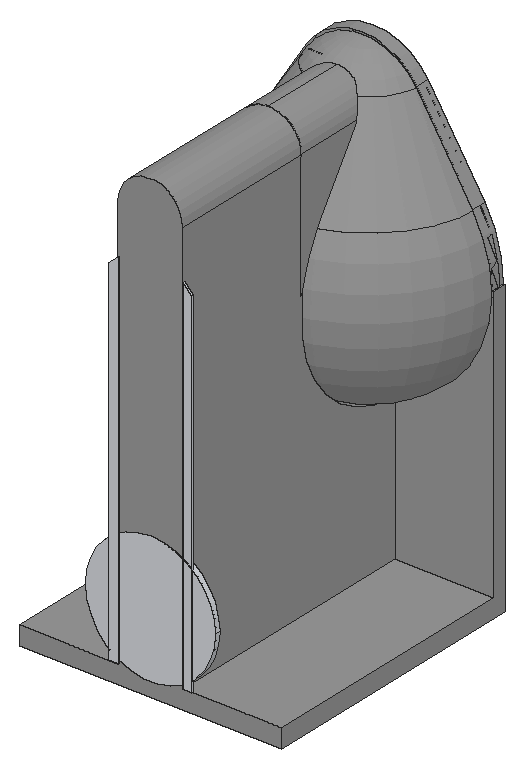
Revit family "Toilet-Willoughby-ASETF-1490-FM-TS", category Plumbing Fixtures, Revit 2015
Parameters (values of type "Standard")
  Waste DIA = 2 3/8"
  Waste Connection = yes
  W-RAD [instance] = Waste DIA / 2  # 0' - 1 3/16"
  Vent Connection = no
  URL = "https://www.willoughby-ind.com/wp-content/uploads/2018/01/ASETF-1490-FM.pdf"
  Type Comments = ""
  Revision = "A"
  Model = "ETW-1490-FM-TS"
  Manufacturer = "Willoughby Industries"
  HW Connection = no
  Flush inlet DIA = 1 1/2"
  Flush Inlet Connection = yes
  Fixture Body = Stainless Steel AISI 304-Willoughby
  F-RAD [instance] = Flush inlet DIA / 2  # 0' - 0 3/4"
  Description = "Ligature Resistant, Wall Outlet, Floor Mounted Blowout Toilet, Top Spud"
  Default Elevation = 0' - 0"
  Contact Number = "(800) 428-4065"
  CW Connection = no
Reference planes (in)
  plane 1 "Base": y = -16.25
  plane 2: z = 0
  plane 3 "Center": x = 18.31072
  plane 4 "Waste height": y = -4.75
  plane 5 "Seat HGT": y = -1.25
  plane 6: y = -2.125
  plane 7: x = 16.56072
  plane 8: x = 20.06072
  plane 9: x = 13.81072
  plane 10: x = 22.81072
  plane 11: z = 2.70924
  plane 12: z = -3
  plane 13: z = 25
Forms (in)
  Extrusion 1, solid, material "Stainless Steel AISI 304-Willoughby" <- "Fixture Body"
    sketch origin (16.08109, 7.47968, -7.1422) x (-1, 0, 0) y (0, 0, -1)
      loop
        line (4.79769, -22.8922) -> (4.83287, -22.8922) -> (4.83287, -7.1422) -> (-9.29213, -7.1422) -> (-9.29213, -22.8922) -> (-9.20219, -22.8922)
        arc (-9.20219, -22.8922) -> (-8.94577, -24.74051) -> (-8.21015, -26.45542) r 7
        line (-8.21015, -26.45542) -> (-5.16818, -31.31054)
        arc (-5.16818, -31.31054) -> (-2.20225, -32.95225) -> (0.76368, -31.31054) r 3.5
        line (0.76368, -31.31054) -> (3.80565, -26.45542)
        arc (3.80565, -26.45542) -> (4.54128, -24.74051) -> (4.79769, -22.8922) r 7
      loop
        arc (2.03989, -24.70557) -> (-2.20225, -18.23804) -> (-6.44438, -24.70557) r 4.625
        line (-6.44438, -24.70557) -> (-4.04125, -30.23842)
        arc (-4.04125, -30.23842) -> (-2.20225, -31.45225) -> (-0.36324, -30.23842) r 2
        line (-0.36324, -30.23842) -> (2.03989, -24.70557)
    from 8.72968 to 9.5
  Revolve 2, solid, material "Stainless Steel AISI 304-Willoughby" <- "Fixture Body"
    sketch origin (19.37981, -1.52032, -3.93365) x (-1, 0, 0) y (0, 0, -1)
      loop
        line (1.06174, -12.59906) -> (1.06174, -12.84906)
        arc (1.06174, -12.84906) -> (6.96784, -16.33096) -> (6.78077, -23.18447) r 6.75
        line (6.78077, -23.18447) -> (5.22309, -25.66909)
        arc (5.22309, -25.66909) -> (3.40303, -27.84141) -> (1.06174, -29.43826) r 10.34445
        line (1.06174, -29.43826) -> (1.06174, -29.68826)
        arc (1.06174, -29.68826) -> (2.75672, -29.25045) -> (4.02767, -28.04656) r 3.5
        line (4.02767, -28.04656) -> (7.06964, -23.19143)
        arc (7.06964, -23.19143) -> (7.15052, -16.14555) -> (1.06174, -12.59906) r 7
      axis (1.06174, -12.59906) -> (1.06174, -29.68826)
    angle from 0 to -180
  Extrusion 3, solid, material "Stainless Steel AISI 304-Willoughby" <- "Fixture Body"
    sketch origin (19.53334, -3.02032, -4.9508) x (0, 1, 0) y (0, 0, 1)
      loop
        line (-5.27082, 4.9508) -> (1, 4.9508) -> (1, 13.80524)
        arc (1, 13.80524) -> (-3.15813, 15.45207) -> (-5.27082, 19.39398) r 6.50625
        line (-5.27082, 19.39398) -> (-5.27082, 4.9508)
    from 0.52738 to -2.97262
  Extrusion 4, solid, material "Stainless Steel AISI 304-Willoughby" <- "Fixture Body"
    sketch origin (0, 1.11185, 0) x (1, 0, 0) y (0, 0, 1)
      loop
        circle (18.31072, 2.70924) r 0.75
    from 2.36185 to 1.42435
  Extrusion 5, solid, material "Stainless Steel AISI 304-Willoughby" <- "Fixture Body"
    sketch origin (0, -16.25, 0) x (1, 0, 0) y (0, 0, 1)
      loop
        line (25.37322, 0) -> (25.37322, 1) -> (11.2834, 1) -> (11.2834, 0) -> (25.37322, 0)
    from -15 to 0
  Extrusion 6, solid, material "Stainless Steel AISI 304-Willoughby" <- "Fixture Body"
    sketch origin (0, -16.25, 0) x (1, 0, 0) y (0, 0, 1)
      loop
        line (20.06072, 0) -> (20.06072, 23.23467)
        arc (20.06072, 23.23467) -> (18.31072, 24.98467) -> (16.56072, 23.23467) r 1.75
        line (16.56072, 23.23467) -> (16.56072, 0) -> (20.06072, 0)
    from 0 to -7.95886
  Extrusion 7, solid, material "Stainless Steel AISI 304-Willoughby" <- "Fixture Body"
    sketch origin (18.31072, 0, 0) x (0, 1, 0) y (0, 0, 1)
      loop
        line (-8.30956, 24.98711) -> (-8.30956, 16.43945)
        arc (-8.30956, 16.43945) -> (-7.89398, 17.78452) -> (-7.26296, 19.04298) r 8.53534
        arc (-7.26296, 19.04298) -> (-5.96181, 21.12816) -> (-4.62752, 23.19229) r 153.87584
        arc (-4.62752, 23.19229) -> (-4.20813, 24.22574) -> (-3.39314, 24.98711) r 2.59068
        line (-3.39314, 24.98711) -> (-8.30956, 24.98711)
    from -1.75 to 1.75
  Extrusion 8, void
    sketch origin (0, -16.25, 0) x (1, 0, 0) y (0, 0, 1)
      loop
        arc (18.32244, 24.98711) -> (19.55159, 24.47797) -> (20.06072, 23.24882) r 1.73828
        line (20.06072, 23.24882) -> (20.06072, 24.98711) -> (18.32244, 24.98711)
    from -13.39931 to -7.72232
  Extrusion 9, void
    sketch origin (0, -16.25, 0) x (1, 0, 0) y (0, 0, 1)
      loop
        line (16.56072, 24.98711) -> (16.56072, 23.38793)
        arc (16.56072, 23.38793) -> (17.12541, 24.5271) -> (18.31072, 24.98711) r 1.75711
        line (18.31072, 24.98711) -> (16.56072, 24.98711)
    from -12.84157 to -7.94044
  Extrusion 10, solid
    sketch origin (0, -16.25, 0) x (1, 0, 0) y (0, 0, 1)
      loop
        line (20.06072, 1) -> (20.56072, 1) -> (20.56072, 20.125) -> (20.06072, 20.625) -> (20.06072, 1)
      loop
        line (16.58416, 1) -> (16.58416, 20.625) -> (16.08416, 20.125) -> (16.08416, 1) -> (16.58416, 1)
    from 0 to -0.0625
  Extrusion 11, solid
    sketch origin (0, -16.25, 0) x (1, 0, 0) y (0, 0, 1)
      loop
        circle (18.32831, 4.25) r 3.5
    from 0 to -0.25
Cuts and joins
  joined: Extrusion 1, Extrusion 3, Extrusion 5, Extrusion 6
  Extrusion 8, Extrusion 9 cuts Extrusion 7
Lines and regions (in)
  symbolic lines
    curve 1: line (11.28334, -2.02032, 0) -> (11.28334, -1.25, 0)
    curve 2: line (11.28334, -1.25, 0) -> (25.28334, -1.25, 0)
    curve 3: line (25.28334, -1.25, 0) -> (25.28334, -2.02032, 0)
    curve 4: arc (25.28334, -2.02032, 0) -> (23.0776, -6.6446, 0) -> (18.31072, -8.52239, 0) r 6.98983
    curve 5: arc (18.31072, -8.52239, 0) -> (13.52369, -6.64758, 0) -> (11.28334, -2.02032, 0) r 7.04842
    curve 6: line (22.81072, -6.88104, 0) -> (22.81072, -16.25, 0)
    curve 7: line (22.81072, -16.25, 0) -> (13.81072, -16.25, 0)
    curve 8: line (13.81072, -16.25, 0) -> (13.81072, -6.89908, 0)
    curve 9: line (16.56072, -8.30173, 0) -> (16.56072, -16.25, 0)
    curve 10: line (20.06072, -8.29974, 0) -> (20.06072, -16.25, 0)
    curve 11: line (14.78334, -16.25, 9.65867) -> (14.78334, -16.25, 1)
    curve 12: line (14.78334, -16.25, 1) -> (13.81072, -16.25, 1)
    curve 13: line (13.81072, -16.25, 1) -> (13.81072, -16.25, 0)
    curve 14: line (13.81072, -16.25, 0) -> (22.81072, -16.25, 0)
    curve 15: line (22.81072, -16.25, 0) -> (22.81072, -16.25, 1)
    curve 16: line (22.81072, -16.25, 1) -> (21.81072, -16.25, 1)
    curve 17: line (21.81072, -16.25, 1) -> (21.81072, -16.25, 9.67456)
    curve 18: arc (21.81072, -16.25, 9.67456) -> (25.08799, -16.25, 13.93608) -> (24.32597, -16.25, 19.25778) r 6.9206
    curve 19: line (24.32597, -16.25, 19.25778) -> (21.24927, -16.25, 24.16835)
    curve 20: arc (21.24927, -16.25, 24.16835) -> (19.97832, -16.25, 25.37224) -> (18.28334, -16.25, 25.81005) r 3.5
    curve 21: arc (18.28334, -16.25, 25.81005) -> (16.58835, -16.25, 25.37224) -> (15.31741, -16.25, 24.16835) r 3.5
    curve 22: line (15.31741, -16.25, 24.16835) -> (12.35249, -16.25, 19.43905)
    curve 23: arc (12.35249, -16.25, 19.43905) -> (11.49002, -16.25, 14.03241) -> (14.78334, -16.25, 9.65867) r 7
    curve 29: line (18.31072, -8.4296, 16.67525) -> (18.31072, -16.25, 16.67525)
    curve 30: line (18.31072, -16.25, 16.67525) -> (18.31072, -16.25, 0)
    curve 31: line (18.31072, -16.25, 0) -> (18.31072, -1.25, 0)
    curve 32: line (18.31072, -1.25, 0) -> (18.31072, -1.25, 25.81005)
    curve 33: line (18.31072, -1.25, 25.81005) -> (18.31072, -2.02032, 25.81005)
    curve 34: arc (18.31072, -2.02032, 25.81005) -> (18.31072, -3.29152, 25.30605) -> (18.31072, -4.30177, 24.38445) r 3.79748
    curve 35: line (18.31072, -4.30177, 24.38445) -> (18.31072, -7.52822, 19.25778)
    curve 36: arc (18.31072, -7.52822, 19.25778) -> (18.31072, -8.12539, 18.01764) -> (18.31072, -8.4296, 16.67525) r 6.10578
    curve 37: arc (18.31072, -8.4296, 16.67525) -> (18.31072, -8.31403, 15.24489) -> (18.31072, -8.29114, 13.81005) r 22.19593
    curve 38: arc (18.31072, -8.29114, 13.81005) -> (18.31072, -5.95289, 10.31029) -> (18.31072, -2.02032, 8.81005) r 6.92744
    curve 39: line (18.31072, -1.25, 9.65867) -> (18.31072, -2.02032, 9.65867)
    curve 40: line (18.31072, -2.02032, 9.65867) -> (18.31072, -2.02032, 1)
    curve 41: line (18.31072, -2.02032, 1) -> (18.31072, -16.25, 1)
    curve 42: line (20.06072, -8.29974, 0) -> (20.06072, -4.61725, 0)
    curve 43: arc (20.06072, -4.61725, 0) -> (19.34995, -3.84312, 0) -> (18.31072, -3.68676, 0) r 1.57857
    curve 44: arc (18.31072, -3.68676, 0) -> (17.30223, -3.87691, 0) -> (16.56072, -4.5864, 0) r 1.8036
    curve 45: line (16.56072, -4.5864, 0) -> (16.56072, -8.30173, 0)
    curve 46: line (18.31072, -8.30956, 24.98711) -> (18.31072, -3.72908, 24.98711)
  symbolic lines, detail levels fine
    curve 24: arc (14.0412, -16.25, 17.56337) -> (18.28334, -16.25, 11.09585) -> (22.52547, -16.25, 17.56337) r 4.625
    curve 25: line (22.52547, -16.25, 17.56337) -> (20.12234, -16.25, 23.09622)
    curve 26: arc (20.12234, -16.25, 23.09622) -> (19.38317, -16.25, 23.97635) -> (18.28334, -16.25, 24.31005) r 2.01767
    curve 27: arc (18.28334, -16.25, 24.31005) -> (17.17969, -16.25, 23.98213) -> (16.44433, -16.25, 23.09622) r 1.9827
    curve 28: line (16.44433, -16.25, 23.09622) -> (14.0412, -16.25, 17.56337)
Dimensions and locks (in)
  locked: plane 1 "Base" to plane 4 "Waste height" at 11.5
  locked: plane 1 "Base" to plane 5 "Seat HGT" at 15
  plane 9 to plane 3 "Center" = 0' - 4 1/2"
  plane 9 to plane 10 = 0' - 9"
  plane 13 to level = 2' - 1"
  "F-RAD": radius of Extrusion 4 sketch curve
  aligned and locked: plane 3 "Center" to Extrusion 4 sketch curve
  aligned and locked: plane 11 to Extrusion 4 sketch curve
  aligned and locked: Extrusion 1 to Revolve 2
  aligned and locked: cut or joined group of Extrusion 1, Extrusion 3, Extrusion 5, Extrusion 6 to Extrusion 1
Automatic sketch dimensions
  curve 20 to curve 21 = 0' - 0"  (x2)
  curve 23 to curve 24 = 0' - 0"  (x2)
  curve 14 to level = 0' - 0"
  curve 14 to plane 9 = 0' - 0"
  curve 15 to plane 10 = 0' - 0"
  curve 22 to plane 9 = 0' - 1.45823"
  plane 9 to curve 28 = 0' - 0 59/256"
  curve 12 to curve 11 = 0' - 0.97262"
  curve 22 to plane 7 = 0' - 1.24331"
  curve 28 to plane 7 = 0' - 0.11639"
  curve 26 to plane 3 "Center" = 0' - 0.03902"
  curve 26 to curve 27 = 0' - 0.0002"
  curve 24 to plane 3 "Center" = 0' - 0.02738"
  curve 27 to curve 21 = 0' - 0.01144"
  plane 3 "Center" to curve 18 = 0' - 0.08339"
  plane 8 to curve 25 = 0' - 0.06162"
  curve 19 to plane 13 = 0' - 0.83165"
  plane 8 to curve 19 = 0' - 1.18855"
  curve 17 to plane 10 = 0' - 1"
  curve 25 to plane 10 = 0' - 0.28525"
  plane 10 to curve 19 = 0' - 1.51526"
  level to curve 12 = 0' - 1"
  level to curve 16 = 0' - 1"
  plane 11 to curve 11 = 0' - 6.94943"
  plane 11 to curve 17 = 0' - 6.96532"
  curve 17 to curve 18 = 0' - 6.01843"
  curve 18 to curve 24 = 0' - 0.02786"
  curve 25 to curve 18 = 0' - 1.6944"
  curve 26 to plane 13 = 0' - 2.70758"
  curve 26 to curve 20 = 0' - 0.01763"
  curve 20 to curve 27 = 0' - 0.01733"
  curve 28 to curve 22 = 0' - 1.07212"
  curve 25 to curve 19 = 0' - 1.07212"
  Extrusion 3 sketch curve to level = 0' - 0"
  plane 4 "Waste height" to Extrusion 3 sketch curve = 0' - 3.54114"
  plane 6 to Extrusion 3 sketch curve = 0' - 0.10468"
  plane 6 to Extrusion 3 sketch curve = 0' - 0.27542"
  plane 11 to Extrusion 3 sketch curve = 0' - 6.1452"
  Extrusion 3 sketch curve to Extrusion 3 sketch curve = 0' - 5.58874"
  Extrusion 5 sketch curve to level = 0' - 0"
  Extrusion 5 sketch curve to plane 9 = 0' - 2.52732"
  plane 10 to Extrusion 5 sketch curve = 0' - 2 9/16"
  level to Extrusion 5 sketch curve = 0' - 1"
  Extrusion 6 sketch curve to level = 0' - 0"
  Extrusion 6 sketch curve to plane 7 = 0' - 0"
  Extrusion 6 sketch curve to plane 3 "Center" = 0' - 0"
  Extrusion 6 sketch curve to plane 13 = 0' - 1.76533"
  Extrusion 7 sketch curve to plane 13 = 0' - 0.01289"
  plane 4 "Waste height" to Extrusion 7 sketch curve = 0' - 3.55956"
  Extrusion 7 sketch curve to plane 6 = 0' - 1.26814"
  plane 6 to Extrusion 7 sketch curve = 0' - 0.05145"
  Extrusion 7 sketch curve to plane 5 "Seat HGT" = 0' - 1.27544"
  Extrusion 7 sketch curve to plane 12 = 4' - 10.37203"
  Extrusion 7 sketch curve to plane 5 "Seat HGT" = 10' - 5.1785"
  Extrusion 7 sketch curve to plane 13 = 0' - 10.39901"
  Extrusion 7 sketch curve to Extrusion 7 sketch curve = 0' - 8.54766"
  Extrusion 7 sketch curve to plane 13 = 0' - 2.24231"
  plane 4 "Waste height" to Extrusion 7 sketch curve = 0' - 2.51296"
  Extrusion 8 sketch curve to plane 8 = 0' - 0"
  plane 3 "Center" to Extrusion 8 sketch curve = 0' - 0 3/256"
  Extrusion 8 sketch curve to plane 13 = 0' - 1.75118"
  Revolve 2 sketch curve to Revolve 2 sketch curve = 0' - 0"  (x2)
  plane 10 to Revolve 2 sketch curve = 0' - 0.11048"
  plane 3 "Center" to Revolve 2 sketch curve = 0' - 0.00736"  (x3)
  Revolve 2 sketch curve to plane 13 = 0' - 0.88709"
  Revolve 2 sketch curve to plane 7 = 0' - 1.20857"
  plane 9 to Revolve 2 sketch curve = 0' - 0.346"
  Revolve 2 sketch curve to plane 9 = 0' - 1.21168"
  Revolve 2 sketch curve to Revolve 2 sketch curve = 0' - 0.28887"
  plane 13 to Revolve 2 sketch curve = 0' - 0.50461"
  Revolve 2 sketch curve to Revolve 2 sketch curve = 0' - 0 1/4"
  Revolve 2 sketch curve to Revolve 2 sketch curve = 0' - 2.37746"
  Revolve 2 sketch curve to Revolve 2 sketch curve = 0' - 2.47766"
  Revolve 2 sketch curve to Revolve 2 sketch curve = 0' - 0.00696"
  Revolve 2 sketch curve to Revolve 2 sketch curve = 0' - 0.57536"
  Revolve 2 sketch curve to Revolve 2 sketch curve = 0' - 3 1/4"
  Revolve 2 sketch curve to Revolve 2 sketch curve = 0' - 2.4108"
  Extrusion 9 sketch curve to plane 7 = 0' - 0"
  Extrusion 9 sketch curve to plane 3 "Center" = 0' - 0"
  Extrusion 9 sketch curve to plane 13 = 0' - 0.01289"
  Extrusion 9 sketch curve to Extrusion 9 sketch curve = 0' - 1.59918"
  plane 5 "Seat HGT" to curve 1 = 0' - 0"
  plane 1 "Base" to curve 7 = 0' - 0"
  curve 7 to plane 9 = 0' - 0"
  curve 9 to plane 7 = 0' - 0"
  curve 4 to plane 3 "Center" = 0' - 0"
  curve 44 to plane 3 "Center" = 0' - 0"
  curve 10 to plane 8 = 0' - 0"
  curve 43 to plane 8 = 0' - 0"
  curve 6 to plane 10 = 0' - 0"
  curve 5 to plane 3 "Center" = 0' - 0"
  plane 6 to curve 1 = 0' - 0.10468"
  curve 1 to plane 9 = 0' - 2.52738"
  curve 44 to plane 3 "Center" = 0' - 0.18388"
  curve 5 to plane 3 "Center" = 0' - 0.00017"
  plane 3 "Center" to curve 43 = 0' - 0.29814"
  plane 10 to curve 3 = 0' - 2.47262"
  plane 4 "Waste height" to curve 44 = 0' - 0.73096"
  plane 4 "Waste height" to curve 43 = 0' - 0.48692"
  curve 42 to plane 4 "Waste height" = 0' - 0.13275"
  plane 6 to curve 3 = 0' - 0.10468"
  plane 5 "Seat HGT" to curve 4 = 0' - 0.28257"
  curve 45 to curve 9 = 0' - 0"
  curve 30 to plane 1 "Base" = 0' - 0"
  curve 33 to plane 5 "Seat HGT" = 0' - 0"
  curve 32 to level = 0' - 0"
  plane 1 "Base" to curve 37 = 1' - 2.23409"
  plane 4 "Waste height" to curve 29 = 0' - 3.6796"
  curve 36 to curve 35 = 0' - 0.90137"
  curve 35 to plane 4 "Waste height" = 0' - 0.44823"
  curve 36 to plane 6 = 0' - 0.23566"
  plane 6 to curve 33 = 0' - 0.10468"
  plane 6 to curve 40 = 0' - 0.10468"
  plane 5 "Seat HGT" to curve 38 = 0' - 0.38413"
  plane 5 "Seat HGT" to curve 34 = 0' - 0.02916"
  level to curve 40 = 0' - 1"
  plane 11 to curve 39 = 0' - 6.94943"
  curve 37 to plane 13 = 0' - 10.82646"
  curve 39 to curve 38 = 0' - 6.06805"
  curve 38 to curve 36 = 0' - 0.27887"
  curve 29 to plane 13 = 0' - 8.32475"
  curve 35 to plane 13 = 0' - 0.61555"
  curve 46 to plane 13 = 0' - 0.01289"
  plane 4 "Waste height" to curve 46 = 0' - 3.55956"
  curve 37 to curve 38 = 0' - 0.13846"
  curve 34 to curve 46 = 0' - 0.57268"
  Extrusion 1 sketch curve to Extrusion 1 sketch curve = 0' - 0"  (x6)
  Extrusion 1 sketch curve to level = 0' - 0"
  plane 10 to Extrusion 1 sketch curve = 0' - 2 9/16"
  Extrusion 1 sketch curve to Extrusion 1 sketch curve = 0' - 0.08994"
  plane 10 to Extrusion 1 sketch curve = 0' - 1.48052"
  Extrusion 1 sketch curve to plane 10 = 0' - 0.28525"
  plane 8 to Extrusion 1 sketch curve = 0' - 1.18855"
  plane 8 to Extrusion 1 sketch curve = 0' - 0.06162"
  Extrusion 1 sketch curve to plane 3 "Center" = 0' - 0.02738"  (x2)
  Extrusion 1 sketch curve to plane 7 = 0' - 0.11639"
  Extrusion 1 sketch curve to plane 13 = 0' - 0.83165"
  Extrusion 1 sketch curve to plane 7 = 0' - 1.24331"
  plane 9 to Extrusion 1 sketch curve = 0' - 0 59/256"
  Extrusion 1 sketch curve to plane 9 = 0' - 1.53528"
  Extrusion 1 sketch curve to plane 9 = 0' - 2.52732"
  Extrusion 1 sketch curve to Extrusion 1 sketch curve = 0' - 0.03518"
  Extrusion 1 sketch curve to Extrusion 1 sketch curve = 0' - 1.07212"
  Extrusion 1 sketch curve to Extrusion 1 sketch curve = 0' - 0.78617"
  Extrusion 1 sketch curve to Extrusion 1 sketch curve = 0' - 3.783"  (x2)
  Extrusion 1 sketch curve to Extrusion 1 sketch curve = 0' - 1.74985"
  Extrusion 1 sketch curve to Extrusion 1 sketch curve = 0' - 1.81337"
  Extrusion 10 sketch curve to plane 8 = 0' - 0"
  plane 7 to Extrusion 10 sketch curve = 0' - 0 3/128"
  Extrusion 10 sketch curve to plane 7 = 0' - 0 61/128"
  plane 8 to Extrusion 10 sketch curve = 0' - 0 1/2"
  level to Extrusion 10 sketch curve = 0' - 1"  (x2)
  Extrusion 10 sketch curve to plane 13 = 0' - 4 7/8"
  Extrusion 10 sketch curve to Extrusion 10 sketch curve = 0' - 0"
  Extrusion 10 sketch curve to Extrusion 10 sketch curve = 0' - 0 1/2"  (x2)
  plane 3 "Center" to Extrusion 11 sketch curve = 0' - 0.01759"
  plane 11 to Extrusion 11 sketch curve = 0' - 1.54076"
  radius of Extrusion 11 sketch curve = 0' - 3 1/2"
Connectors (in)
  piping at (18.31072, -0.3125, 2.70924), diameter 1.5, driven by "F-RAD", driven by "Flush Inlet Connection"
    settings: on Extrusion 4, index 2, connector inside diameter 1 1/2", connector length 0' - 0", flow factor 0, pipe flow 0 GPM, pressure drop 0.00 psi, fitting loss kfactor 0, connector angle 0.00°, fixture units 0, engagement length 0' - 0", angle of deflection 0.00°, flow configuration 0, flow direction 1, fitting loss method 0, system type 20, joint type 0, gender type 0, connector reference index -1, connector utility 1, adjustable connector no, is connector primary yes, connector description "Flush Inlet"
  piping at (18.32831, -16.25, 4.25), diameter 2.5
    settings: on Extrusion 11, index 3, connector inside diameter 24", connector length 0' - 0", flow factor 0, pipe flow 0 GPM, pressure drop 0.00 psi, fitting loss kfactor 0, connector angle 0.00°, fixture units 0, engagement length 0' - 0", angle of deflection 0.00°, flow configuration 0, flow direction 0, fitting loss method 0, system type 7, joint type 0, gender type 0, connector reference index -1, connector utility 0, adjustable connector no, is connector primary no, connector description ""
